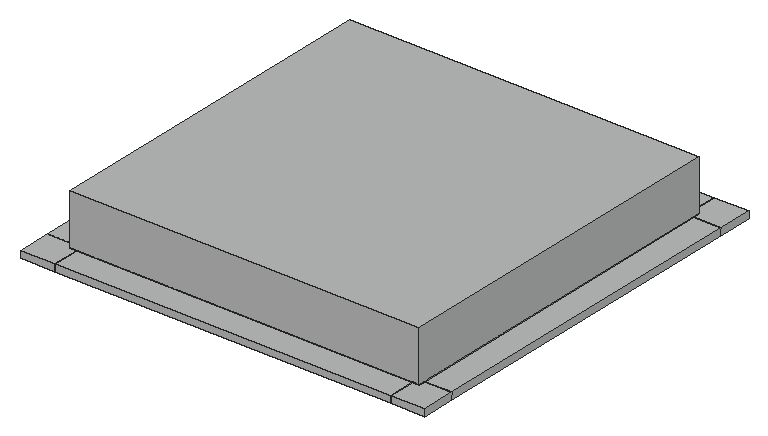
Revit family "ALUMOGIPS", category Осветительные приборы, Revit 2019 (continued)
Types (72, lengths in mm): name | Файл фотометрической сетки | built-in parameter 1150105 | Lumens | built-in parameter 1150106 | built-in parameter 1150142 | Wattage | Emit from Rectangle Width | Emit from Rectangle Length | Длина | Материал светильника | Ширина | ADSK_Ток | ADSK_Полная мощность | ADSK_Обозначение | ADSK_Номинальная мощность | ADSK_Наименование | ADSK_Масса | ADSK_Код изделия
  Alumogips-30/opal-sand 295х595 (IP54, 4000К, белый) c БАП на 1 час | "Светильник ALUMOGIPS-30 OPAL-SAND-(295x595).IES" | 198.94 (stored number, unit not read) | 2500 lm | 1.9894 (stored number, unit not read) | "IESNA:LM-63-95\r\n[TEST] Протокол №80\r\n[DATA]26.06.2016\r\n[MORE] \r\n[MANUFAC] ЗАО \"Центрстройсвет\"\r\n[LUMCAT]  Светильник ALUMOGIPS-30/OPAL-SAND-(295x595)\r\n[LUMINAIRE]\r\n[LAMPCAT] Светодиоды\r\n[LAMP] Поток источника света (светодиодов) не известен\r\n[MORE] КСС приведена в абсолютных величинах кд\r\n[MORE] Вместо потока лампы, указан поток светильника.\r\nTILT=NONE\r\n1    2420 1.0 37 73 1 2 0.295 0.595 0.04\r\n1.0 1.0 28.9\r\n0.0 5.0 10.0 15.0 20.0 25.0 30.0 35.0 40.0 45.0 50.0 55.0 60.0 65.0 70.0 75.0 80.0 85.0 90.0 95.0 100.0 105.0 110.0 115.0 120.0 125.0 130.0 135.0 140.0 145.0 150.0 155.0 160.0 165.0 170.0 175.0 180.0\r\n0.0 5.0 10.0 15.0 20.0 25.0 30.0 35.0 40.0 45.0 50.0 55.0 60.0 65.0 70.0 75.0 80.0 85.0 90.0 95.0 100.0 105.0 110.0 115.0 120.0 125.0 130.0 135.0 140.0 145.0 150.0 155.0 160.0 165.0 170.0 175.0 180.0 185.0 190.0 195.0 200.0 205.0 210.0 215.0 220.0 225.0 230.0 235.0 240.0 245.0 250.0 255.0 260.0 265.0 270.0 275.0 280.0 285.0 290.0 295.0 300.0 305.0 310.0 315.0 320.0 325.0 330.0 335.0 340.0 345.0 350.0 355.0 360.0\r\n911.1 908.3 889.4 861.2 824.6 779.8 729.1 674.3 613.8 546.0 479.1 412.2 342.1 274.7 206.6 142.5 83.1 30.5 0.2 0.0 0.0 0.0 0.0 0.0 0.0 0.0 0.0 0.0 0.0 0.0 0.0 0.0 0.0 0.0 0.0 0.0 0.0\r\n911.1 908.3 890.4 862.2 826.0 781.2 730.0 673.5 610.8 545.9 478.1 412.0 343.0 274.6 207.5 142.8 83.4 31.1 0.3 0.0 0.0 0.0 0.0 0.0 0.0 0.0 0.0 0.0 0.0 0.0 0.0 0.0 0.0 0.0 0.0 0.0 0.0\r\n911.1 908.5 890.5 862.8 826.3 781.1 729.7 670.6 612.5 548.7 480.3 412.7 344.4 275.2 207.5 143.5 83.8 31.5 0.3 0.0 0.0 0.0 0.0 0.0 0.0 0.0 0.0 0.0 0.0 0.0 0.0 0.0 0.0 0.0 0.0 0.0 0.0\r\n911.1 909.2 889.7 860.5 825.1 782.3 731.0 672.5 613.1 547.3 478.2 411.8 342.9 275.2 208.3 143.7 83.9 31.8 0.3 0.0 0.0 0.0 0.0 0.0 0.0 0.0 0.0 0.0 0.0 0.0 0.0 0.0 0.0 0.0 0.0 0.0 0.0\r\n911.1 909.0 891.0 861.5 825.6 782.4 732.7 675.9 611.0 545.2 481.9 413.1 344.4 276.1 208.3 144.0 84.6 32.0 0.3 0.0 0.0 0.0 0.0 0.0 0.0 0.0 0.0 0.0 0.0 0.0 0.0 0.0 0.0 0.0 0.0 0.0 0.0\r\n911.1 908.9 890.1 863.3 826.9 783.2 729.2 673.9 611.8 547.8 480.9 414.1 343.8 275.8 208.6 144.4 85.0 32.4 0.3 0.0 0.0 0.0 0.0 0.0 0.0 0.0 0.0 0.0 0.0 0.0 0.0 0.0 0.0 0.0 0.0 0.0 0.0\r\n911.1 908.9 890.0 862.2 828.3 782.8 731.1 675.1 614.3 547.6 481.3 413.0 345.8 276.7 208.8 145.0 85.3 32.6 0.4 0.0 0.0 0.0 0.0 0.0 0.0 0.0 0.0 0.0 0.0 0.0 0.0 0.0 0.0 0.0 0.0 0.0 0.0\r\n911.1 908.5 891.5 865.2 825.7 780.8 732.5 674.6 615.0 551.3 482.1 414.1 345.1 277.4 208.6 145.5 85.5 33.2 0.5 0.0 0.0 0.0 0.0 0.0 0.0 0.0 0.0 0.0 0.0 0.0 0.0 0.0 0.0 0.0 0.0 0.0 0.0\r\n911.1 908.2 891.4 865.6 827.3 781.0 734.3 676.9 614.9 549.4 482.0 413.8 346.2 277.0 209.5 145.9 86.0 33.8 0.4 0.0 0.0 0.0 0.0 0.0 0.0 0.0 0.0 0.0 0.0 0.0 0.0 0.0 0.0 0.0 0.0 0.0 0.0\r\n911.1 908.7 891.0 864.3 829.6 784.0 732.9 673.2 614.9 550.2 484.5 414.8 346.4 277.8 210.5 146.4 87.2 33.9 0.6 0.0 0.0 0.0 0.0 0.0 0.0 0.0 0.0 0.0 0.0 0.0 0.0 0.0 0.0 0.0 0.0 0.0 0.0\r\n911.1 909.3 890.7 863.4 828.2 782.7 733.6 675.6 617.1 551.3 485.9 416.5 347.0 279.5 211.3 147.1 87.6 34.5 0.8 0.0 0.0 0.0 0.0 0.0 0.0 0.0 0.0 0.0 0.0 0.0 0.0 0.0 0.0 0.0 0.0 0.0 0.0\r\n911.1 908.7 892.5 864.0 829.2 784.2 733.3 676.9 615.6 551.9 484.7 416.9 348.3 279.6 211.6 148.3 88.1 35.0 0.9 0.0 0.0 0.0 0.0 0.0 0.0 0.0 0.0 0.0 0.0 0.0 0.0 0.0 0.0 0.0 0.0 0.0 0.0\r\n911.1 907.6 892.1 865.2 827.4 784.6 731.8 676.8 617.7 552.8 485.1 418.8 350.7 281.3 212.5 148.4 89.0 35.7 1.0 0.0 0.0 0.0 0.0 0.0 0.0 0.0 0.0 0.0 0.0 0.0 0.0 0.0 0.0 0.0 0.0 0.0 0.0\r\n911.1 907.1 892.1 864.5 830.2 788.3 733.6 677.4 617.3 552.0 487.9 420.8 349.8 281.3 213.4 149.2 89.9 36.2 1.3 0.0 0.0 0.0 0.0 0.0 0.0 0.0 0.0 0.0 0.0 0.0 0.0 0.0 0.0 0.0 0.0 0.0 0.0\r\n911.1 907.7 891.9 865.7 828.5 785.6 735.2 678.9 620.0 555.8 488.8 421.1 351.5 282.7 215.2 149.7 90.8 36.9 1.5 0.0 0.0 0.0 0.0 0.0 0.0 0.0 0.0 0.0 0.0 0.0 0.0 0.0 0.0 0.0 0.0 0.0 0.0\r\n911.1 907.8 891.0 864.8 830.1 786.1 738.7 679.4 616.5 556.6 490.6 420.2 352.4 284.5 215.4 151.3 91.1 37.6 1.5 0.0 0.0 0.0 0.0 0.0 0.0 0.0 0.0 0.0 0.0 0.0 0.0 0.0 0.0 0.0 0.0 0.0 0.0\r\n911.1 907.6 892.2 865.5 829.8 785.3 740.8 681.1 621.3 555.2 488.2 422.8 352.5 285.0 216.2 151.5 92.2 38.3 1.9 0.0 0.0 0.0 0.0 0.0 0.0 0.0 0.0 0.0 0.0 0.0 0.0 0.0 0.0 0.0 0.0 0.0 0.0\r\n911.1 907.4 892.1 866.1 829.8 787.6 737.3 681.4 621.4 556.0 491.1 422.7 354.9 284.7 217.1 152.4 93.0 39.4 2.0 0.0 0.0 0.0 0.0 0.0 0.0 0.0 0.0 0.0 0.0 0.0 0.0 0.0 0.0 0.0 0.0 0.0 0.0\r\n911.1 907.1 892.7 864.9 831.7 788.2 738.4 680.3 623.5 555.8 491.4 423.2 354.0 286.0 218.2 152.8 93.7 40.1 1.9 0.0 0.0 0.0 0.0 0.0 0.0 0.0 0.0 0.0 0.0 0.0 0.0 0.0 0.0 0.0 0.0 0.0 0.0\r\n911.1 907.4 892.3 867.6 830.6 789.2 737.9 683.1 622.5 558.1 492.5 424.4 355.9 287.7 219.1 154.3 94.7 40.4 2.5 0.0 0.0 0.0 0.0 0.0 0.0 0.0 0.0 0.0 0.0 0.0 0.0 0.0 0.0 0.0 0.0 0.0 0.0\r\n911.1 907.5 892.4 866.9 832.1 790.0 736.6 683.9 623.3 559.4 493.1 425.9 357.0 288.4 220.1 155.2 95.3 41.1 2.6 0.0 0.0 0.0 0.0 0.0 0.0 0.0 0.0 0.0 0.0 0.0 0.0 0.0 0.0 0.0 0.0 0.0 0.0\r\n911.1 906.9 893.0 866.2 832.9 789.5 740.6 686.4 622.6 558.9 494.6 425.2 357.7 289.6 220.8 156.1 95.8 41.9 2.6 0.0 0.0 0.0 0.0 0.0 0.0 0.0 0.0 0.0 0.0 0.0 0.0 0.0 0.0 0.0 0.0 0.0 0.0\r\n911.1 906.5 892.0 867.1 832.6 789.9 741.4 686.3 627.3 561.0 497.2 429.6 357.8 290.1 222.7 156.4 96.7 42.4 3.1 0.0 0.0 0.0 0.0 0.0 0.0 0.0 0.0 0.0 0.0 0.0 0.0 0.0 0.0 0.0 0.0 0.0 0.0\r\n911.1 906.8 892.3 868.3 834.8 789.8 739.1 686.9 625.0 562.3 496.2 428.6 359.5 290.7 222.5 158.0 97.5 42.6 3.4 0.0 0.0 0.0 0.0 0.0 0.0 0.0 0.0 0.0 0.0 0.0 0.0 0.0 0.0 0.0 0.0 0.0 0.0\r\n911.1 907.7 893.1 868.2 834.1 793.7 743.1 687.9 626.4 562.8 495.5 430.8 360.5 292.6 223.4 158.6 97.7 43.5 3.3 0.0 0.0 0.0 0.0 0.0 0.0 0.0 0.0 0.0 0.0 0.0 0.0 0.0 0.0 0.0 0.0 0.0 0.0\r\n911.1 908.2 893.8 868.2 835.6 793.6 743.3 688.3 626.0 564.5 498.1 431.2 361.0 293.4 224.3 158.9 98.6 44.0 3.5 0.0 0.0 0.0 0.0 0.0 0.0 0.0 0.0 0.0 0.0 0.0 0.0 0.0 0.0 0.0 0.0 0.0 0.0\r\n911.1 906.7 894.2 868.9 835.7 792.8 743.7 688.3 628.3 564.5 497.7 430.5 361.2 293.3 224.8 160.4 99.3 44.4 3.7 0.0 0.0 0.0 0.0 0.0 0.0 0.0 0.0 0.0 0.0 0.0 0.0 0.0 0.0 0.0 0.0 0.0 0.0\r\n911.1 906.5 894.7 867.9 834.7 795.0 744.2 689.6 630.1 566.4 499.6 431.8 363.0 294.1 225.6 160.8 100.0 45.1 3.6 0.0 0.0 0.0 0.0 0.0 0.0 0.0 0.0 0.0 0.0 0.0 0.0 0.0 0.0 0.0 0.0 0.0 0.0\r\n911.1 906.5 895.1 869.9 835.9 794.8 744.6 690.7 627.4 566.4 500.2 432.4 364.0 294.7 227.0 161.2 100.6 45.6 3.8 0.0 0.0 0.0 0.0 0.0 0.0 0.0 0.0 0.0 0.0 0.0 0.0 0.0 0.0 0.0 0.0 0.0 0.0\r\n911.1 906.1 895.4 869.1 835.9 794.7 746.0 689.6 630.7 566.6 499.6 432.7 363.1 295.7 227.9 161.9 100.9 46.3 4.0 0.0 0.0 0.0 0.0 0.0 0.0 0.0 0.0 0.0 0.0 0.0 0.0 0.0 0.0 0.0 0.0 0.0 0.0\r\n911.1 906.1 894.6 870.7 836.3 795.3 746.6 689.6 632.6 567.7 500.1 432.1 364.4 296.0 227.8 162.7 101.4 46.4 4.5 0.0 0.0 0.0 0.0 0.0 0.0 0.0 0.0 0.0 0.0 0.0 0.0 0.0 0.0 0.0 0.0 0.0 0.0\r\n911.1 906.3 895.6 868.8 835.5 793.2 745.3 690.7 630.8 568.5 500.6 433.3 364.7 295.8 227.5 162.6 101.3 46.8 4.6 0.0 0.0 0.0 0.0 0.0 0.0 0.0 0.0 0.0 0.0 0.0 0.0 0.0 0.0 0.0 0.0 0.0 0.0\r\n911.1 907.0 895.4 871.8 837.5 794.5 744.5 690.6 631.8 568.8 502.5 436.2 365.6 296.2 228.3 163.9 101.9 47.1 4.6 0.0 0.0 0.0 0.0 0.0 0.0 0.0 0.0 0.0 0.0 0.0 0.0 0.0 0.0 0.0 0.0 0.0 0.0\r\n911.1 907.6 895.4 871.8 839.2 796.0 747.1 690.6 629.6 567.5 501.4 434.5 365.7 297.2 228.8 163.4 102.4 47.5 4.6 0.0 0.0 0.0 0.0 0.0 0.0 0.0 0.0 0.0 0.0 0.0 0.0 0.0 0.0 0.0 0.0 0.0 0.0\r\n911.1 906.1 895.5 871.6 838.7 794.9 748.2 694.5 632.4 570.3 502.5 434.5 365.5 297.1 229.4 164.0 102.4 47.5 4.7 0.0 0.0 0.0 0.0 0.0 0.0 0.0 0.0 0.0 0.0 0.0 0.0 0.0 0.0 0.0 0.0 0.0 0.0\r\n911.1 904.8 895.9 869.8 836.7 797.2 747.1 691.9 633.4 569.5 503.4 435.1 366.2 298.1 229.3 163.6 102.3 47.2 4.3 0.0 0.0 0.0 0.0 0.0 0.0 0.0 0.0 0.0 0.0 0.0 0.0 0.0 0.0 0.0 0.0 0.0 0.0\r\n911.1 905.3 894.0 871.2 840.2 796.2 748.3 691.8 631.5 572.4 503.6 433.5 366.8 297.9 229.2 163.3 101.8 46.8 3.8 0.0 0.0 0.0 0.0 0.0 0.0 0.0 0.0 0.0 0.0 0.0 0.0 0.0 0.0 0.0 0.0 0.0 0.0\r\n911.1 906.0 894.9 870.9 837.1 795.0 745.7 693.0 630.8 569.0 503.7 436.4 366.4 297.7 229.8 163.4 101.8 46.5 3.4 0.0 0.0 0.0 0.0 0.0 0.0 0.0 0.0 0.0 0.0 0.0 0.0 0.0 0.0 0.0 0.0 0.0 0.0\r\n911.1 905.6 893.6 871.4 839.9 797.6 749.1 691.5 633.0 570.8 502.5 434.8 366.1 296.6 228.5 162.8 101.0 46.0 2.9 0.0 0.0 0.0 0.0 0.0 0.0 0.0 0.0 0.0 0.0 0.0 0.0 0.0 0.0 0.0 0.0 0.0 0.0\r\n911.1 905.5 894.6 871.9 838.0 794.6 747.0 692.0 634.0 569.3 502.9 435.5 366.8 296.4 228.8 163.2 101.1 46.1 2.8 0.0 0.0 0.0 0.0 0.0 0.0 0.0 0.0 0.0 0.0 0.0 0.0 0.0 0.0 0.0 0.0 0.0 0.0\r\n911.1 906.2 893.1 871.0 837.2 796.8 749.0 694.0 633.1 569.5 503.5 436.7 366.4 297.6 228.4 162.6 101.3 45.7 2.8 0.0 0.0 0.0 0.0 0.0 0.0 0.0 0.0 0.0 0.0 0.0 0.0 0.0 0.0 0.0 0.0 0.0 0.0\r\n911.1 905.4 893.6 869.9 837.0 796.8 747.6 692.4 634.5 568.4 503.4 433.2 365.8 296.2 227.1 162.3 100.7 45.6 2.7 0.0 0.0 0.0 0.0 0.0 0.0 0.0 0.0 0.0 0.0 0.0 0.0 0.0 0.0 0.0 0.0 0.0 0.0\r\n911.1 905.2 893.1 870.9 837.6 799.4 749.7 694.6 632.4 569.7 501.2 433.7 366.5 296.3 227.6 162.0 100.7 45.2 2.6 0.0 0.0 0.0 0.0 0.0 0.0 0.0 0.0 0.0 0.0 0.0 0.0 0.0 0.0 0.0 0.0 0.0 0.0\r\n911.1 905.6 892.8 867.9 836.3 795.3 747.6 693.8 632.3 568.8 503.5 433.9 364.4 295.4 227.4 162.1 100.2 45.0 2.6 0.0 0.0 0.0 0.0 0.0 0.0 0.0 0.0 0.0 0.0 0.0 0.0 0.0 0.0 0.0 0.0 0.0 0.0\r\n911.1 906.0 891.2 869.4 838.7 796.6 744.5 691.3 630.5 568.4 500.5 432.6 364.8 294.7 226.6 161.5 99.4 44.6 2.4 0.0 0.0 0.0 0.0 0.0 0.0 0.0 0.0 0.0 0.0 0.0 0.0 0.0 0.0 0.0 0.0 0.0 0.0\r\n911.1 906.3 892.3 868.8 836.4 794.7 746.4 690.6 628.4 567.4 501.0 433.5 364.4 294.7 226.3 161.5 99.1 44.1 2.3 0.0 0.0 0.0 0.0 0.0 0.0 0.0 0.0 0.0 0.0 0.0 0.0 0.0 0.0 0.0 0.0 0.0 0.0\r\n911.1 906.1 891.2 870.3 836.5 796.5 746.5 691.1 630.2 565.4 501.0 432.5 361.6 293.6 224.8 160.3 98.9 43.7 2.2 0.0 0.0 0.0 0.0 0.0 0.0 0.0 0.0 0.0 0.0 0.0 0.0 0.0 0.0 0.0 0.0 0.0 0.0\r\n911.1 906.7 892.3 869.5 834.4 794.2 744.3 688.5 631.3 567.2 500.0 431.6 362.1 292.6 224.4 159.4 98.3 43.1 2.1 0.0 0.0 0.0 0.0 0.0 0.0 0.0 0.0 0.0 0.0 0.0 0.0 0.0 0.0 0.0 0.0 0.0 0.0\r\n911.1 906.3 891.7 869.3 838.3 794.6 745.1 687.7 632.2 566.3 497.6 429.3 361.9 293.2 223.9 158.7 97.6 42.4 1.9 0.0 0.0 0.0 0.0 0.0 0.0 0.0 0.0 0.0 0.0 0.0 0.0 0.0 0.0 0.0 0.0 0.0 0.0\r\n911.1 906.6 891.2 870.7 835.8 791.7 742.2 688.7 628.2 564.3 497.8 429.8 361.0 291.5 223.5 157.7 97.3 42.0 1.8 0.0 0.0 0.0 0.0 0.0 0.0 0.0 0.0 0.0 0.0 0.0 0.0 0.0 0.0 0.0 0.0 0.0 0.0\r\n911.1 906.1 891.3 868.6 834.6 791.7 744.4 685.8 625.4 562.6 496.6 428.8 360.1 290.5 222.4 157.1 96.1 41.3 1.7 0.0 0.0 0.0 0.0 0.0 0.0 0.0 0.0 0.0 0.0 0.0 0.0 0.0 0.0 0.0 0.0 0.0 0.0\r\n911.1 905.2 892.6 868.1 835.0 791.5 742.2 686.7 625.4 563.1 497.3 427.9 358.4 290.7 221.2 155.8 95.6 40.8 1.5 0.0 0.0 0.0 0.0 0.0 0.0 0.0 0.0 0.0 0.0 0.0 0.0 0.0 0.0 0.0 0.0 0.0 0.0\r\n911.1 905.3 892.8 868.0 833.0 791.3 744.3 685.1 623.6 560.5 492.9 426.5 357.2 288.9 220.3 154.7 94.8 40.1 1.3 0.0 0.0 0.0 0.0 0.0 0.0 0.0 0.0 0.0 0.0 0.0 0.0 0.0 0.0 0.0 0.0 0.0 0.0\r\n911.1 906.6 890.8 868.3 833.0 790.4 741.1 685.4 624.1 560.7 492.9 424.1 356.4 288.9 219.7 154.0 93.5 39.4 1.2 0.0 0.0 0.0 0.0 0.0 0.0 0.0 0.0 0.0 0.0 0.0 0.0 0.0 0.0 0.0 0.0 0.0 0.0\r\n911.1 907.4 891.8 866.4 833.1 790.2 739.5 683.6 621.7 561.4 494.4 424.6 356.0 287.1 219.0 153.3 92.5 38.6 1.1 0.0 0.0 0.0 0.0 0.0 0.0 0.0 0.0 0.0 0.0 0.0 0.0 0.0 0.0 0.0 0.0 0.0 0.0\r\n911.1 907.0 891.7 867.9 832.2 788.0 736.3 683.3 623.7 556.4 492.1 424.3 353.3 286.6 217.1 152.4 91.9 37.8 0.8 0.0 0.0 0.0 0.0 0.0 0.0 0.0 0.0 0.0 0.0 0.0 0.0 0.0 0.0 0.0 0.0 0.0 0.0\r\n911.1 906.8 892.1 865.5 829.5 787.9 737.3 680.4 618.9 555.6 491.7 423.2 353.3 284.2 216.2 151.5 91.3 37.0 0.7 0.0 0.0 0.0 0.0 0.0 0.0 0.0 0.0 0.0 0.0 0.0 0.0 0.0 0.0 0.0 0.0 0.0 0.0\r\n911.1 906.0 890.4 864.7 830.5 788.2 737.8 682.0 618.5 554.8 489.2 421.0 352.5 282.8 214.0 149.9 90.1 36.6 0.6 0.0 0.0 0.0 0.0 0.0 0.0 0.0 0.0 0.0 0.0 0.0 0.0 0.0 0.0 0.0 0.0 0.0 0.0\r\n911.1 905.1 891.5 865.2 828.0 784.8 738.1 677.5 619.3 553.0 488.5 419.0 350.1 282.1 214.0 149.5 89.3 35.6 0.4 0.0 0.0 0.0 0.0 0.0 0.0 0.0 0.0 0.0 0.0 0.0 0.0 0.0 0.0 0.0 0.0 0.0 0.0\r\n911.1 906.0 891.6 863.4 826.4 784.8 735.2 679.4 616.1 553.3 487.5 418.1 349.5 281.2 213.4 148.4 88.5 34.8 0.3 0.0 0.0 0.0 0.0 0.0 0.0 0.0 0.0 0.0 0.0 0.0 0.0 0.0 0.0 0.0 0.0 0.0 0.0\r\n911.1 906.8 890.4 864.5 828.0 784.0 735.1 678.8 616.8 551.9 484.6 417.7 349.7 279.3 211.1 147.6 87.7 34.2 0.3 0.0 0.0 0.0 0.0 0.0 0.0 0.0 0.0 0.0 0.0 0.0 0.0 0.0 0.0 0.0 0.0 0.0 0.0\r\n911.1 907.5 888.8 862.0 826.9 780.2 732.3 675.0 614.9 551.2 485.3 416.4 346.6 278.8 211.6 146.2 86.7 33.6 0.2 0.0 0.0 0.0 0.0 0.0 0.0 0.0 0.0 0.0 0.0 0.0 0.0 0.0 0.0 0.0 0.0 0.0 0.0\r\n911.1 907.5 889.7 863.2 826.6 785.1 732.2 672.0 614.2 551.3 484.5 416.7 346.2 277.6 210.1 145.9 85.8 32.8 0.2 0.0 0.0 0.0 0.0 0.0 0.0 0.0 0.0 0.0 0.0 0.0 0.0 0.0 0.0 0.0 0.0 0.0 0.0\r\n911.1 907.3 890.1 863.9 825.1 780.0 730.7 678.4 612.1 549.9 481.9 414.5 344.9 276.9 209.3 145.1 85.2 32.3 0.1 0.0 0.0 0.0 0.0 0.0 0.0 0.0 0.0 0.0 0.0 0.0 0.0 0.0 0.0 0.0 0.0 0.0 0.0\r\n911.1 908.5 889.1 862.4 825.5 781.7 731.2 672.6 612.0 547.6 482.4 413.8 345.8 275.4 208.5 144.0 84.8 31.6 0.1 0.0 0.0 0.0 0.0 0.0 0.0 0.0 0.0 0.0 0.0 0.0 0.0 0.0 0.0 0.0 0.0 0.0 0.0\r\n911.1 908.0 889.3 861.7 824.9 780.9 731.0 672.8 611.9 545.5 481.0 411.8 343.3 274.8 207.7 143.4 84.0 31.2 0.1 0.0 0.0 0.0 0.0 0.0 0.0 0.0 0.0 0.0 0.0 0.0 0.0 0.0 0.0 0.0 0.0 0.0 0.0\r\n911.1 906.5 887.9 861.2 824.2 781.5 729.8 672.2 609.7 547.2 479.7 411.1 343.5 274.5 206.8 143.2 83.6 30.7 0.1 0.0 0.0 0.0 0.0 0.0 0.0 0.0 0.0 0.0 0.0 0.0 0.0 0.0 0.0 0.0 0.0 0.0 0.0\r\n911.1 906.8 888.0 859.9 826.4 781.3 727.9 671.1 610.9 546.9 478.6 411.5 342.5 274.4 207.1 142.8 83.0 30.3 0.1 0.0 0.0 0.0 0.0 0.0 0.0 0.0 0.0 0.0 0.0 0.0 0.0 0.0 0.0 0.0 0.0 0.0 0.0\r\n911.1 907.2 889.6 859.4 824.1 778.8 730.0 672.0 610.3 544.9 478.2 410.6 341.6 274.5 206.3 141.9 82.8 30.0 0.1 0.0 0.0 0.0 0.0 0.0 0.0 0.0 0.0 0.0 0.0 0.0 0.0 0.0 0.0 0.0 0.0 0.0 0.0\r\n911.1 908.0 888.9 861.7 823.7 778.6 726.6 673.0 609.3 546.3 478.0 409.7 341.7 273.2 206.1 141.7 82.2 29.9 0.0 0.0 0.0 0.0 0.0 0.0 0.0 0.0 0.0 0.0 0.0 0.0 0.0 0.0 0.0 0.0 0.0 0.0 0.0\r\n911.1 908.5 889.0 862.2 823.5 778.2 729.5 669.6 608.8 545.8 478.2 411.0 340.7 272.7 206.2 142.0 82.2 29.8 0.1 0.0 0.0 0.0 0.0 0.0 0.0 0.0 0.0 0.0 0.0 0.0 0.0 0.0 0.0 0.0 0.0 0.0 0.0\r\n911.1 908.3 889.7 863.3 826.0 781.1 728.4 671.9 608.5 545.7 478.5 410.8 342.7 273.4 205.7 141.8 82.4 30.1 0.2 0.0 0.0 0.0 0.0 0.0 0.0 0.0 0.0 0.0 0.0 0.0 0.0 0.0 0.0 0.0 0.0 0.0 0.0\r\n911.1 908.3 889.4 861.2 824.6 779.8 729.1 674.3 613.8 546.0 479.1 412.2 342.1 274.7 206.6 142.5 83.1 30.5 0.2 0.0 0.0 0.0 0.0 0.0 0.0 0.0 0.0 0.0 0.0 0.0 0.0 0.0 0.0 0.0 0.0 0.0 0.0\r\n" | 16.8303 W | 275 | 575 | 595 | RAL 9001 | 295 | 0.141777 A | 32.6087 VA | "Alumogips-30/opal-sand 295х595 (IP54, 4000К, белый)" | 30 W | "Встраиваемый светодиодный светильник Alumogips-30/opal-sand 295х595 (IP54, 4000К, белый) c БАП на 1 час" | 1.3 | "ЦБ000007771"
